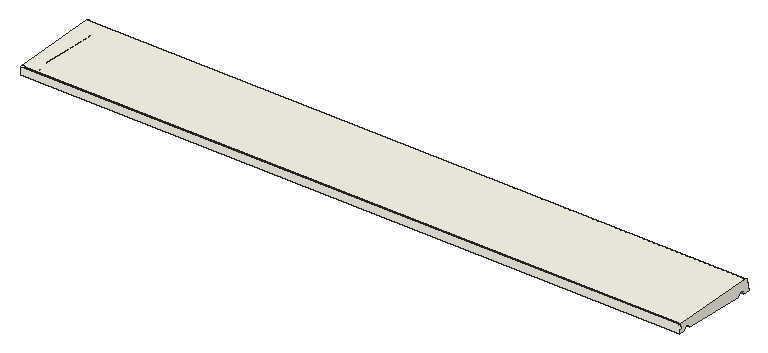
Revit family "Albardilla MB remate IZQ. C-1", category Modelos genéricos, Revit 2020
Family settings
  Puede alojar armadura = No
  Cota de conector redondo = Diámetro de uso
  Tipo de pieza = Normal
  Se basa en plano de trabajo = No
  Siempre vertical = No
  Corte con vacíos al cargar = No
  Compartido = No
  Punto de cálculo de habitación = No
Parameters (values of type "RIMB12")
  Descripción = "Pieza de hormigón polímero con anclaje de acero inoxidable."
  Ancho doble = Ancho / 4  # 30 mm
  Visible una linea = if(Ancho > 300 mm, 2 = 3, 2 = 2)  # yes
  Visible dos líneas = if(Ancho > 300 mm, 2 = 2, 2 = 3)  # no
  URL = "https://www.ulmaarchitectural.com/es-es"
  Nº filas anclajes [instance] = 3  # constant formula
  Modelo = "Albardilla MB12 remate izquierda"
  Material = Hormigón polímero STONEO. Color C-1
  Longitud real [instance] = 1300 mm  # constant formula
  Fabricante = "ULMA Architectural Solutions"
  Elevación por defecto = 0 mm
  Dist. entre anclajes [instance] = 440 mm  # constant formula
  Dist primer anclaje [instance] = 150 mm  # constant formula
  Código de montaje = "RIMB12"
  Ancho total = Ancho + 50 mm  # 170 mm
  Ancho = 120 mm
Types (11, lengths in mm): name | Ancho doble | Visible una linea | Visible dos líneas | Modelo | Código de montaje | Ancho total | Ancho
  (no name) | 30 | yes | no | "Albardilla MB12 remate izquierda" | "RIMB12" | 170 | 120
  RIMB12 | 30 | yes | no | "Albardilla MB12 remate izquierda" | "RIMB12" | 170 | 120
  RIMB14 | 35 | yes | no | "Albardilla MB14 remate izquierda" | "RIMB14" | 190 | 140
  RIMB17 | 42.5 | yes | no | "Albardilla MB17 remate izquierda" | "RIMB17" | 220 | 170
  RIMB19 | 47.5 | yes | no | "Albardilla MB19 remate izquierda" | "RIMB19" | 240 | 190
  RIMB22 | 55 | yes | no | "Albardilla MB22 remate izquierda" | "RIMB22" | 270 | 220
  RIMB25 | 62.5 | yes | no | "Albardilla MB25 remate izquierda" | "RIMB25" | 300 | 250
  RIMB30 | 75 | yes | no | "Albardilla MB30 remate izquierda" | "RIMB30" | 350 | 300
  RIMB35 | 87.5 | no | yes | "Albardilla MB35 remate izquierda" | "RIMB35" | 400 | 350
  RIMB40 | 100 | no | yes | "Albardilla MB40 remate izquierda" | "RIMB40" | 450 | 400
  RIMB27 | 67.5 | yes | no | "Albardilla MB27 remate izquierda" | "RIMB27" | 320 | 270
Reference planes
  plane 1 "Centro (Frontal/Posterior)": y = 0
  plane 2: z = 0
  plane 3 "Centro (Izquierda/Derecha)": x = 0
  plane 4: y = -30
  plane 5: y = 30
Forms (mm)
  Extrusion 1, solid, material "Hormigón polímero STONEO. Color C-1" <- "Material"
    sketch origin (0, 0, 0) x (0, 1, 0) y (0, 0, 1)
      loop
        line (-85, 0) -> (85, 0) -> (80.902, 23.242)
        arc (80.902, 23.242) -> (80.17, 24.465) -> (78.81, 24.891) r 2
        line (78.81, 24.891) -> (-80.782, 15.097)
        arc (-80.782, 15.097) -> (-81.991, 14.592) -> (-82.629, 13.448) r 2
        line (-82.629, 13.448) -> (-85, 0)
    from 0 to 1300
  Sweep 2, void
    path origin (0, 0, 0) x (1, 0, 0) y (0, 1, 0)
      loop
        line (1300, 85) -> (0, 85) -> (0, -85) -> (1300, -85)
    profile origin (650, 85, 0) x (0, -1, 0) y (0, 0, 1)
      loop
        line (10, 0) -> (25, 0) -> (19.05, 7.298)
        arc (19.05, 7.298) -> (17.5, 8.035) -> (15.95, 7.298) r 2
        line (15.95, 7.298) -> (10, 0)
Cuts and joins
  Sweep 2 cuts Extrusion 1
Dimensions and locks
  "Longitud real": Extrusion 1 to Extrusion 1
  "Dist primer anclaje": Extrusion 1 to nested 1
  equal spacing: group 1, group 2, group 7  (x3)
  "Dist. entre anclajes": nested 1 to nested 2
  "Dist primer anclaje": plane 3 "Centro (Izquierda/Derecha)" to nested 3
  "Dist primer anclaje": plane 3 "Centro (Izquierda/Derecha)" to nested 4
  "Ancho doble": plane 1 "Centro (Frontal/Posterior)" to plane 4
  "Ancho doble": plane 1 "Centro (Frontal/Posterior)" to plane 5
  equal spacing: group 3, group 4, group 8  (x3)
  "Dist. entre anclajes": nested 4 to nested 5
  equal spacing: group 5, group 6, group 9  (x3)
  "Dist. entre anclajes": nested 3 to nested 6
  equal spacing: Extrusion 1 sketch curve, plane 1 "Centro (Frontal/Posterior)", Extrusion 1 sketch curve
  "Ancho total": Extrusion 1 sketch curve to Extrusion 1 sketch curve
  "Ancho total": Sweep 2 sketch curve to Sweep 2 sketch curve
  "Longitud real": Extrusion 1 to Sweep 2 sketch curve
  Sweep 2 sketch curve to Sweep 2 sketch curve to profile plane = 15 mm, 10 mm
  Sweep 2 sketch curve to profile plane = 8.035 mm
  equal spacing: Sweep 2 sketch curve, plane 1 "Centro (Frontal/Posterior)", Sweep 2 sketch curve
  Extrusion 1 sketch curve to level = 15.097 mm
  Extrusion 1 sketch curve to level = 24.891 mm
  radius of Sweep 2 sketch curve = 2 mm
  radius of Extrusion 1 sketch curve = 2 mm  (x2)
  angle Extrusion 1 sketch curve to Extrusion 1 sketch curve = 80.00°  (x2)
  aligned and locked: level to plane 2
  aligned and locked: plane 1 "Centro (Frontal/Posterior)" to nested 1
  aligned and locked: level to nested 2
  aligned and locked: level to nested 1
  aligned and locked: nested 4 to plane 4
  aligned and locked: nested 3 to plane 5
  aligned and locked: nested 5 to plane 4
  aligned and locked: nested 6 to plane 5
  aligned and locked: profile plane to Sweep 2 sketch curve
Automatic sketch dimensions
  Sweep 2 sketch curve to Sweep 2 sketch curve = 5.95 mm
  Sweep 2 sketch curve to Sweep 2 sketch curve = 1.264 mm
  Sweep 2 sketch curve to Sweep 2 sketch curve = 0 mm  (x2)
  Extrusion 1 sketch curve to level = 0 mm
  level to Extrusion 1 sketch curve = 13.448 mm
  Extrusion 1 sketch curve to Extrusion 1 sketch curve = 1.847 mm
  Extrusion 1 sketch curve to Extrusion 1 sketch curve = 6.19 mm
  level to Extrusion 1 sketch curve = 23.242 mm
  Sweep 2 sketch curve to plane 3 "Centro (Izquierda/Derecha)" = 0 mm
Nested families
  nested 1: "Anclaje imposta" at (150, 0, -2) x (0, -1, 0) z (0, 0, 1), visible <- "Visible una linea", type "Anclaje imposta"
  nested 2: "Anclaje imposta" at (590, 0, -2) x (0, -1, 0) z (0, 0, 1), visible <- "Visible una linea", type "Anclaje imposta"
  nested 3: "Anclaje imposta" at (150, 30, -2) x (0, -1, 0) z (0, 0, 1), visible <- "Visible dos líneas", type "Anclaje imposta"
  nested 4: "Anclaje imposta" at (150, -30, -2) x (0, -1, 0) z (0, 0, 1), visible <- "Visible dos líneas", type "Anclaje imposta"
  nested 5: "Anclaje imposta" at (590, -30, -2) x (0, -1, 0) z (0, 0, 1), visible <- "Visible dos líneas", type "Anclaje imposta"
  nested 6: "Anclaje imposta" at (590, 30, -2) x (0, -1, 0) z (0, 0, 1), visible <- "Visible dos líneas", type "Anclaje imposta"
  nested 7: "Anclaje imposta" at (1030, 0, -2) x (0, -1, 0) z (0, 0, 1), visible <- "Visible una linea", type "Anclaje imposta"
  nested 8: "Anclaje imposta" at (1030, -30, -2) x (0, -1, 0) z (0, 0, 1), visible <- "Visible dos líneas", type "Anclaje imposta"
  nested 9: "Anclaje imposta" at (1030, 30, -2) x (0, -1, 0) z (0, 0, 1), visible <- "Visible dos líneas", type "Anclaje imposta"
Definition of nested family "Anclaje imposta"
  Parameters (values of type "Anclaje inoxidable estándar")
    URL = "https://www.ulmaarchitectural.com/es-es"
    Model = "Sujeción anclaje inoxidable estándar SPE"
    Material = none
    Manufacturer = "ULMA"
    Default Elevation = 0 mm
    Assembly Code = "901250015"
  Reference planes
    plane 1 "Centro (Frontal/Posterior)": y = 0
    plane 2: z = 0
    plane 3 "Centro (Izquierda/Derecha)": x = 0
  Dimensions and locks
    equal spacing: import instance, plane 3 "Centro (Izquierda/Derecha)", import instance
    aligned and locked: level to plane 2
